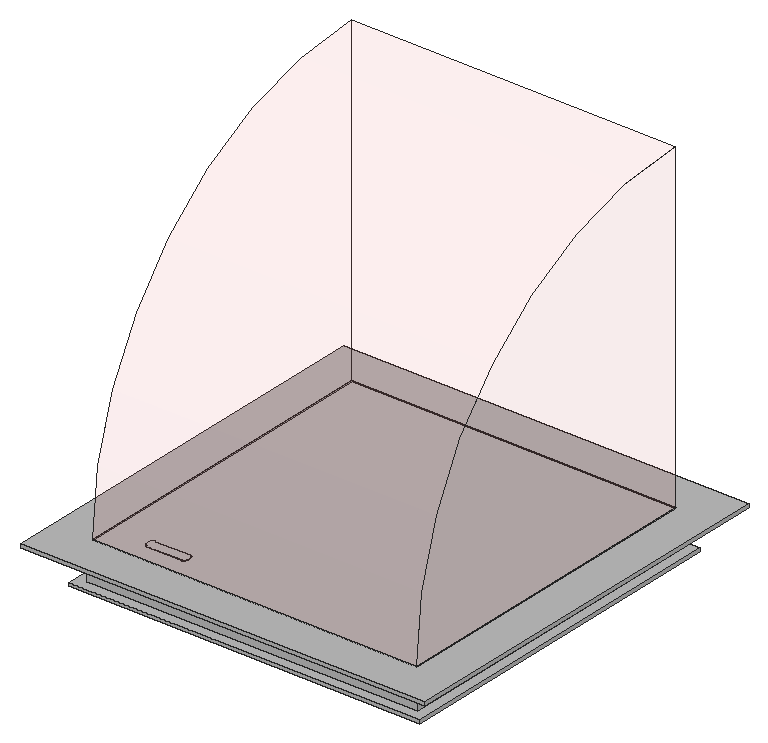
Revit family "Door_Access_Floor_Acudor_FA-H20", category Generic Models, host Face, Revit 2026
Family settings
  Host = Face
  Can host rebar = No
  Round Connector Dimension = Use Diameter
  Part Type = Normal
  Cut with Voids When Loaded = No
  Maintain Annotation Orientation = No
  Shared = No
  Room Calculation Point = No
Parameters
  halfswing = (Door Width / 2)  # 1' - 0"
  Warranty Duration (Years) = 0
  Unit Width = 2' - 0"
  Unit Weight = 0
  Unit Height = 2' - 0"
  Unit Depth = 0' - 3"
  URL = "http://www.acudor.com/"
  Test Data = ""
  Swing Clearance Visible [instance] = yes
  Standards Conformance = "as Specified"
  Specification = ""
  SpecWizard = ""
  SingleSwing [instance] = and(Single Leaf, Swing Clearance Visible)  # yes
  Single Leaf = Unit Width < 4' 0"  # yes
  Send Message = ""
  Sales Information = "http://www.acudor.com/contactus"
  Revision = "R1_2017-03"
  Product Properties = ""
  Product Data = "http://www.arcat.com/arcatcos/cos30/arc30126.html"
  Overall Width = 2' - 6"
  Overall Height = 2' - 6"
  Opening Width = Unit Width  # 2' - 0"
  Opening Height = Unit Height  # 2' - 0"
  Opening Depth [instance] = 1' - 0"
  Model = "As Specified"
  Manufacturer Website = "http://www.acudor.com/"
  Manufacturer Phone - Toll Free = "800-722-0501"
  Manufacturer Phone = "973-575-5120"
  Manufacturer Fax = "973-575-5160"
  Manufacturer Address = "80 Little Falls Rd.  Fairfield, NJ 07004"
  Manufacturer = "Acudor Products Inc"
  Maintenance Schedule (Months) = 0
  Keynote = ""
  Installation-Fabrication = ""
  Installation Phase = ""
  Green Building-LEED = "http://www.arcat.com/green/clients/leed_data_30126.html"
  Frame Finish [instance] = Metal - Acudor - Aluminum
  Fixture Finish [instance] = Metal - Acudor - Aluminum Diamond Plated
  Expected Lifespan (Years) = 0
  Drawn By = "Sumex Design, Inc. / Robert S. Weygant, CSI, CDT, SCIP"
  DoubleSwing [instance] = and(Double Leaf, Swing Clearance Visible)  # no
  Double Leaf = not(Single Leaf)  # no
  Door Width = Unit Width  # 2' - 0"
  Door Height = Unit Height  # 2' - 0"
  Description = "Acudor Product as Specified"
  Default Elevation = 0' - 0"  # constant formula
  Copyright = "©Arcat Inc."
  Construction Details = ""
  Clearance Material [instance] = ARCAT Clearance
  Clear Opening Width = 1' - 8"
  Clear Opening Height = 2' - 0"
  Capacity = "as Specified"
  Available Options [instance] = "as Specified"
  Assembly Code = ""
Reference planes (in)
  plane 1 "Center (Front/Back)": y = 1.28343
  plane 2: z = 0
  plane 3 "Center (Left/Right)": x = 0
  plane 4: y = 13.28343
  plane 5: y = -10.71657
  plane 6: x = -12
  plane 7: x = 12
  plane 8: z = 0
  plane 9: y = 16.28343
  plane 10: y = -13.71657
  plane 11: x = -15
  plane 12: x = 15
  plane 13: z = -3
  plane 14: x = -12
  plane 15: x = 12
  plane 16: y = 13.28343
  plane 17: y = -10.71657
  plane 18: z = -12
Forms (in)
  Extrusion 1, void
    sketch origin (0, 0, 0) x (1, 0, 0) y (0, 1, 0)
      loop
        line (-12, 13.28343) -> (-12, -10.71657) -> (12, -10.71657) -> (12, 13.28343) -> (-12, 13.28343)
    from -12 to 0
  Sweep 2, solid, material "Metal - Acudor - Aluminum" <- "Frame Finish"
    path origin (0, 0, 0) x (1, 0, 0) y (0, 1, 0)
      loop
        line (-15, 16.28343) -> (-15, -13.71657) -> (15, -13.71657) -> (15, 16.28343) -> (-15, 16.28343)
    profile origin (0, 16.28343, 0) x (0, 1, 0) y (0, 0, 1)
      loop
        line (-3, 0) -> (-3, -3) -> (-2, -3) -> (-2, -2.75) -> (-2.75, -2.75) -> (-2.75, -0.25) -> (0, -0.25) -> (0, 0) -> (-3, 0)
  Extrusion 3, solid, material "Metal - Acudor - Aluminum Diamond Plated" <- "Fixture Finish", visible <- "Single Leaf"
    sketch origin (0, 0, 0) x (1, 0, 0) y (0, 1, 0)
      loop
        line (-12, 13.28343) -> (-12, -10.71657) -> (12, -10.71657) -> (12, 13.28343) -> (-12, 13.28343)
    from 0 to -0.25
  Extrusion 4, solid, material "Metal - Acudor - Aluminum" <- "Frame Finish", visible <- "Single Leaf"
    sketch origin (0, 0, 0) x (1, 0, 0) y (0, 1, 0)
      loop
        line (-11.25, 12.53343) -> (-11.25, -9.96489) -> (11.24832, -9.96489) -> (11.24832, 12.53343) -> (-11.25, 12.53343)
    from -2.45734 to -0.25
  Extrusion 5, solid, material "Metal - Acudor - Aluminum Diamond Plated" <- "Fixture Finish", visible <- "Double Leaf"
    sketch origin (0, 0, 0) x (1, 0, 0) y (0, 1, 0)
      loop
        line (-12, 13.28343) -> (-12, -10.71657) -> (0, -10.71657) -> (0, 13.28343) -> (-12, 13.28343)
    from 0 to -0.25
  Extrusion 6, solid, material "Metal - Acudor - Aluminum Diamond Plated" <- "Fixture Finish", visible <- "Double Leaf"
    sketch origin (0, 0, 0) x (-1, 0, 0) y (0, -1, 0)
      loop
        line (-12, -13.28343) -> (0, -13.28343) -> (0, 10.71657) -> (-12, 10.71657) -> (-12, -13.28343)
    from 0 to -0.25
  Extrusion 7, solid, material "Metal - Acudor - Aluminum" <- "Frame Finish", visible <- "Double Leaf"
    sketch origin (0, 0, 0) x (1, 0, 0) y (0, 1, 0)
      loop
        line (-11.25, 12.53343) -> (-11.25, -9.96489) -> (0, -9.96489) -> (0, 12.53343) -> (-11.25, 12.53343)
    from -2.45734 to -0.25
  Extrusion 8, solid, material "Metal - Acudor - Aluminum" <- "Frame Finish", visible <- "Double Leaf"
    sketch origin (0, 0, 0) x (-1, 0, 0) y (0, -1, 0)
      loop
        line (-11.25, -12.53343) -> (0, -12.53343) -> (0, 9.96489) -> (-11.25, 9.96489) -> (-11.25, -12.53343)
    from -2.45734 to -0.25
  Extrusion 9, solid, material "ARCAT Clearance" <- "Clearance Material", visible <- "DoubleSwing"
    sketch origin (0, 1.28343, 0) x (1, 0, 0) y (0, 0, 1)
      loop
        arc (-0.00289, 0) -> (-3.60833, 8.31456) -> (-12, 11.73669) r 12
        line (-12, 11.73669) -> (-12, 0) -> (-0.00289, 0)
    from -12 to 12
  Extrusion 10, solid, material "ARCAT Clearance" <- "Clearance Material", visible <- "DoubleSwing"
    sketch origin (0, 1.28343, 0) x (-1, 0, 0) y (0, 0, -1)
      loop
        line (-0.00289, 0) -> (-12, 0) -> (-12, -11.73669)
        arc (-12, -11.73669) -> (-3.60833, -8.31456) -> (-0.00289, 0) r 12
    from -12 to 12
  Sweep 11, void
    path origin (0, 0, 0) x (1, 0, 0) y (0, 1, 0)
      loop
        line (-15, 16.28343) -> (-15, -13.71657) -> (15, -13.71657) -> (15, 16.28343) -> (-15, 16.28343)
    profile origin (0, 16.28343, 0) x (0, 1, 0) y (0, 0, 1)
      loop
        line (-3, 0) -> (-3, -3) -> (-2, -3) -> (-2, -2.75) -> (-2.75, -2.75) -> (-2.75, -0.25) -> (0, -0.25) -> (0, 0) -> (-3, 0)
  Extrusion 12, solid, material "ARCAT Clearance" <- "Clearance Material", visible <- "SingleSwing"
    sketch origin (0, 0, 0) x (0, 1, 0) y (0, 0, 1)
      loop
        arc (13.28343, 24) -> (-3.68713, 16.97056) -> (-10.71657, 0) r 24
        line (-10.71657, 0) -> (13.28343, 0) -> (13.28343, 24)
    from -12 to 12
  Extrusion 13, solid, material "Metal - Acudor - Aluminum" <- "Frame Finish", visible <- "Single Leaf"
    sketch origin (0, 0, 0) x (1, 0, 0) y (0, 1, 0)
      loop
        arc (-9.05949, -8.62985) -> (-9.23627, -8.70307) -> (-9.30949, -8.87985) r 0.25
        line (-9.30949, -8.87985) -> (-9.30949, -9.14484)
        arc (-9.30949, -9.14484) -> (-9.23627, -9.32161) -> (-9.05949, -9.39484) r 0.25
        line (-9.05949, -9.39484) -> (-6.49699, -9.39484)
        arc (-6.49699, -9.39484) -> (-6.32021, -9.32161) -> (-6.24699, -9.14484) r 0.25
        line (-6.24699, -9.14484) -> (-6.24699, -8.87985)
        arc (-6.24699, -8.87985) -> (-6.32021, -8.70307) -> (-6.49699, -8.62985) r 0.25
        line (-6.49699, -8.62985) -> (-9.05949, -8.62985)
    from 0 to -0.25
  Extrusion 14, solid, material "Metal - Acudor - Aluminum" <- "Frame Finish", visible <- "Double Leaf"
    sketch origin (6.95341, 2.57087, 0) x (0, -1, 0) y (1, 0, 0)
      loop
        arc (-9.05949, -8.62985) -> (-9.23627, -8.70307) -> (-9.30949, -8.87985) r 0.25
        line (-9.30949, -8.87985) -> (-9.30949, -9.14484)
        arc (-9.30949, -9.14484) -> (-9.23627, -9.32161) -> (-9.05949, -9.39484) r 0.25
        line (-9.05949, -9.39484) -> (-6.49699, -9.39484)
        arc (-6.49699, -9.39484) -> (-6.32021, -9.32161) -> (-6.24699, -9.14484) r 0.25
        line (-6.24699, -9.14484) -> (-6.24699, -8.87985)
        arc (-6.24699, -8.87985) -> (-6.32021, -8.70307) -> (-6.49699, -8.62985) r 0.25
        line (-6.49699, -8.62985) -> (-9.05949, -8.62985)
    from 0 to -0.25
Lines and regions (in)
  model lines, style "GenericModelHiddenLines", visible <- "Single Leaf"
    curve 1: line (-12, -10.71657, 0) -> (0, 13.28728, 0)
    curve 2: line (0, 13.28728, 0) -> (12, -10.71657, 0)
  model lines, style "GenericModelHiddenLines", visible <- "Double Leaf"
    curve 3: line (0, 13.28343, 0) -> (-12, 1.28343, 0)
    curve 4: line (-12, 1.28343, 0) -> (0, -10.71657, 0)
    curve 5: line (0, -10.71657, 0) -> (12, 1.28343, 0)
    curve 6: line (12, 1.28343, 0) -> (0, 13.28343, 0)
Dimensions and locks (in)
  locked: plane 8 to level
  equal spacing: plane 4, plane 1 "Center (Front/Back)", plane 5
  "Unit Height": plane 4 to plane 5
  equal spacing: plane 6, plane 3 "Center (Left/Right)", plane 7
  "Unit Width": plane 6 to plane 7
  equal spacing: plane 11, plane 3 "Center (Left/Right)", plane 12
  equal spacing: plane 9, plane 1 "Center (Front/Back)", plane 10
  "Overall Width": plane 11 to plane 12
  "Overall Height": plane 9 to plane 10
  "Unit Depth": plane 8 to plane 13
  equal spacing: plane 16, plane 1 "Center (Front/Back)", plane 17
  equal spacing: plane 14, plane 3 "Center (Left/Right)", plane 15
  "Opening Width": plane 14 to plane 15
  "Opening Height": plane 16 to plane 17
  "Opening Depth": level to plane 18
  locked: Extrusion 4 sketch curve to plane 15 at 0.75168
  locked: plane 14 to Extrusion 4 sketch curve at 0.75
  locked: plane 16 to Extrusion 4 sketch curve at 0.75
  locked: Extrusion 4 sketch curve to plane 17 at 0.75168
  locked: plane 16 to Extrusion 7 sketch curve at 0.75
  locked: Extrusion 7 sketch curve to plane 17 at 0.75168
  locked: plane 14 to Extrusion 7 sketch curve at 0.75
  locked: plane 16 to Extrusion 8 sketch curve at 0.75
  locked: Extrusion 8 sketch curve to plane 17 at 0.75168
  locked: Extrusion 8 sketch curve to plane 15 at 0.75
  locked: plane 16 to Sweep 11 sketch curve at 1
  locked: plane 16 to Sweep 11 sketch curve at 0.25
  plane 16 to Sweep 2 sketch curve to Sweep 2 sketch curve = 0' - 0 1/4" locked, 0' - 0 3/4" locked
  plane 16 to Extrusion 14 sketch curve to Extrusion 14 sketch curve = 0' - 1.40307" locked, 0' - 3 1/16" locked
  Extrusion 14 sketch curve to Extrusion 14 sketch curve to plane 3 "Center (Left/Right)" = 0' - 0.76499" locked, 0' - 1.67643" locked
  Extrusion 13 sketch curve to Extrusion 13 sketch curve to plane 17 = 0' - 0.76499" locked, 0' - 1.32173" locked
  plane 14 to Extrusion 13 sketch curve to Extrusion 13 sketch curve = 0' - 2.69051" locked, 0' - 3 1/16" locked
  "halfswing": radius of Extrusion 9 sketch curve
  "halfswing": radius of Extrusion 10 sketch curve
  "Door Height": radius of Extrusion 12 sketch curve
  aligned and locked: host face to plane 2
  aligned and locked: host face to level
  aligned and locked: Extrusion 1 sketch curve to plane 16
  aligned and locked: plane 14 to Extrusion 1 sketch curve
  aligned and locked: plane 17 to Extrusion 1 sketch curve
  aligned and locked: Extrusion 1 sketch curve to plane 15
  aligned and locked: Extrusion 1 to plane 18
  aligned and locked: plane 8 to Extrusion 1
  aligned and locked: Sweep 2 sketch curve to plane 9
  aligned and locked: plane 11 to Sweep 2 sketch curve
  aligned and locked: plane 10 to Sweep 2 sketch curve
  aligned and locked: Sweep 2 sketch curve to plane 12
  aligned and locked: Extrusion 6 sketch curve to plane 3 "Center (Left/Right)"
  aligned and locked: Extrusion 5 sketch curve to plane 3 "Center (Left/Right)"
  aligned and locked: plane 3 "Center (Left/Right)" to curve 3
  aligned and locked: plane 3 "Center (Left/Right)" to curve 5
  aligned and locked: plane 1 "Center (Front/Back)" to curve 4
  aligned and locked: plane 1 "Center (Front/Back)" to curve 6
  aligned and locked: Extrusion 7 sketch curve to plane 3 "Center (Left/Right)"
  aligned and locked: Extrusion 8 sketch curve to plane 3 "Center (Left/Right)"
  aligned and locked: plane 10 to Sweep 11 sketch curve
  aligned and locked: Sweep 11 sketch curve to plane 12
  aligned and locked: plane 16 to Extrusion 6 sketch curve
  aligned and locked: plane 15 to Extrusion 6 sketch curve
  aligned and locked: Extrusion 6 sketch curve to plane 17
  aligned and locked: Extrusion 5 sketch curve to plane 16
  aligned and locked: plane 17 to Extrusion 5 sketch curve
  aligned and locked: plane 14 to Extrusion 5 sketch curve
  aligned and locked: plane 14 to Extrusion 3 sketch curve
  aligned and locked: Extrusion 3 sketch curve to plane 16
  aligned and locked: Extrusion 3 sketch curve to plane 15
  aligned and locked: plane 17 to Extrusion 3 sketch curve
  aligned and locked: plane 4 to Extrusion 10
  aligned and locked: Extrusion 10 to plane 5
  aligned and locked: Extrusion 9 to plane 5
  aligned and locked: plane 4 to Extrusion 9
  aligned and locked: plane 14 to Extrusion 9 sketch curve
  aligned and locked: plane 15 to Extrusion 10 sketch curve
  aligned and locked: plane 16 to Extrusion 12 sketch curve
  aligned and locked: plane 7 to Extrusion 12
  aligned and locked: Extrusion 12 to plane 6
  aligned and locked: plane 9 to Sweep 11 sketch curve
  aligned and locked: plane 9 to Sweep 2 sketch curve
  aligned and locked: plane 3 "Center (Left/Right)" to curve 1
Automatic sketch dimensions
  host sketch curve to host sketch curve = 12' - 11.75605"
  host sketch curve to host sketch curve = 12' - 7.74281"
  Sweep 2 sketch curve to level = 0' - 0"
  Sweep 2 sketch curve to Sweep 2 sketch curve = 0' - 0 1/4"  (x3)
  Sweep 2 sketch curve to Sweep 2 sketch curve = 0' - 2 1/2"
  curve 3 to Extrusion 5 = 0' - 0"
  curve 1 to Extrusion 3 = 0' - 0"  (x2)
  Extrusion 3 to curve 2 = 0' - 0"
  curve 2 to Extrusion 3 = 0' - 0"
  Extrusion 3 to curve 2 = 0' - 0.00385"
  Extrusion 9 sketch curve to level = 0' - 0"
  Extrusion 9 sketch curve to plane 3 "Center (Left/Right)" = 0' - 0.00289"
  Extrusion 10 sketch curve to level = 0' - 0"
  Extrusion 10 sketch curve to plane 3 "Center (Left/Right)" = 0' - 0.00289"
  Sweep 11 sketch curve to plane 11 = 0' - 0"
  Sweep 11 sketch curve to plane 9 = 0' - 0"
  Sweep 11 sketch curve to level = 0' - 0"
  Sweep 11 sketch curve to Sweep 11 sketch curve = 0' - 0 1/4"  (x3)
  Sweep 11 sketch curve to Sweep 11 sketch curve = 0' - 2 1/2"
  Extrusion 12 sketch curve to level = 0' - 0"
  Extrusion 12 sketch curve to plane 5 = 0' - 0"
  Extrusion 13 sketch curve to Extrusion 13 sketch curve = 0' - 0 1/4"  (x3)
  Extrusion 13 sketch curve to Extrusion 13 sketch curve = 0' - 0"
  Extrusion 14 sketch curve to Extrusion 14 sketch curve = 0' - 0 1/4"  (x3)
  Extrusion 14 sketch curve to Extrusion 14 sketch curve = 0' - 0"
